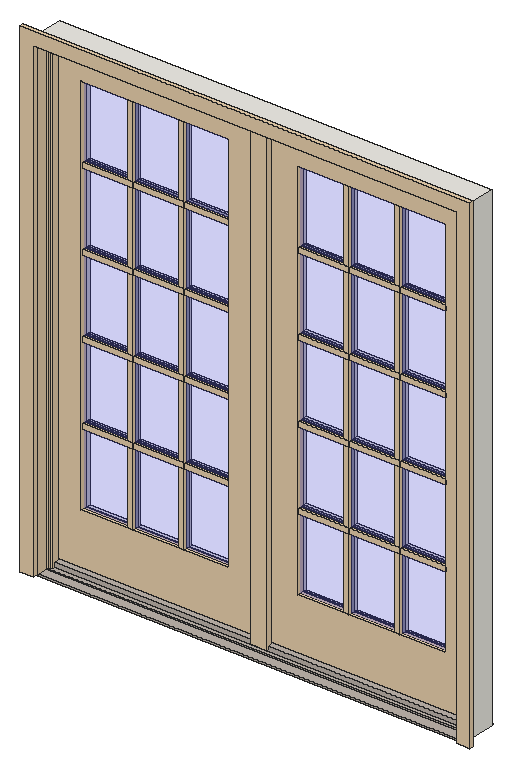
Revit family "Door-Outswing-Andersen-400_Series-Double 3", category Doors, host Wall, Revit 2013 (continued)
Definition of nested family "Andersen Grille Bar"
  Dimensions and locks (in)
    aligned and locked: plane 6 to Extrusion 4
    aligned and locked: Extrusion 4 to plane 7
    aligned and locked: plane 6 to curve 1
    aligned and locked: plane 10 to curve 1
    aligned and locked: curve 1 to plane 3 "Center (Left/Right)"
    aligned and locked: plane 6 to curve 2
    aligned and locked: plane 10 to curve 2
    aligned and locked: curve 2 to plane 3 "Center (Left/Right)"
    aligned and locked: plane 6 to curve 3
    aligned and locked: plane 10 to curve 3
    aligned and locked: curve 3 to plane 3 "Center (Left/Right)"
    aligned and locked: plane 11 "a1" to curve 4
    aligned and locked: plane 12 "a2" to curve 4
    aligned and locked: curve 4 to plane 1 "Center (Front/Back)"
    aligned and locked: plane 6 to curve 5
    aligned and locked: plane 6 to curve 6
    aligned and locked: plane 7 to curve 6
    aligned and locked: plane 7 to curve 5
    aligned and locked: curve 5 to plane 4 "1"
    aligned and locked: curve 6 to plane 5 "2"
  Automatic sketch dimensions
    Extrusion 1 sketch curve to Extrusion 1 sketch curve = 8' - 0"  (x2)
    plane 7 to Extrusion 2 sketch curve = 0' - 0"
    Extrusion 2 sketch curve to plane 5 "2" = 0' - 0 7/8"
    Extrusion 2 sketch curve to plane 6 = 0' - 0"
    Extrusion 2 sketch curve to Extrusion 2 sketch curve = 0' - 0 7/8"
    plane 7 to Extrusion 3 sketch curve = 0' - 0"
    Extrusion 3 sketch curve to plane 5 "2" = 0' - 0 7/8"
    Extrusion 3 sketch curve to plane 6 = 0' - 0"
    Extrusion 3 sketch curve to Extrusion 3 sketch curve = 0' - 0 7/8"
    Extrusion 4 sketch curve to plane 7 = 0' - 0"
    Extrusion 4 sketch curve to plane 5 "2" = 0' - 0 7/8"
    Extrusion 4 sketch curve to plane 6 = 0' - 0"
    Extrusion 4 sketch curve to Extrusion 4 sketch curve = 0' - 0 7/8"
